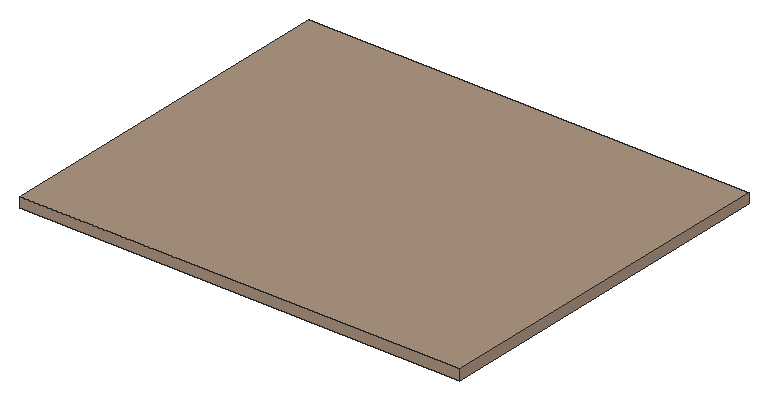
Revit family "Worksurface-Teknion-PLCW__Cantilevered_Worksurface-R2015", category Furniture, Revit 2015
Parameters (values of type "Double Sided Overhang")
  Worksurface Width [instance] = 24.000"
  Worksurface Finish [instance] = Foundation Laminate - Teknion - YA - Anigre
  Worksurface Depth [instance] = 36.000"
  Warranty = "http://www.teknion.com/ca/papers/legal-canada"
  Unit Weight URL = "http://www.teknion.com/ca/tools/assets#&asset=bee6a381-b954-425e-8283-5a2de3a804f2,f828d448-4b62-4231-9e5f-9a8991c0ed77"
  URL = "www.teknion.com"
  Sustainability Data = "http://www.teknion.com/ca/tools/assets#&topic=216f99a5-57a0-44fc-b10a-9dee9b29ae4c&asset=444deb64-fe58-4b68-981e-f75e97781df7"
  Single Sided Overhang = no
  Series = "Ledger Plus"  # constant formula
  Product Page URL = "http://www.teknion.com/ca/products/product-details?productlineid=1293336e-8e7a-673b-a6c8-ff00004460c4"
  Product Line = "Filing and Storage"
  Product Documentation Link = "http://www.teknion.com/pricing/filing-storage/pdfs/PLCW_ppg.pdf"
  Part Number = "PLCW"
  Model = "PLCWD_"
  Manufacturer Phone = "416-661-3370"  # constant formula
  Manufacturer Fax = "416.661.4586"  # constant formula
  Manufacturer Contact Information = "http://www.teknion.com/ca/contactus"
  Manufacturer Address = "1150 Flint Road, Toronto, ON. M3J 2J5. Canada"  # constant formula
  Manufacturer = "Teknion"  # constant formula
  Double Sided Overhang = yes
  Description = "Cantilevered Worksurface - Double Sided Overhang"
  Default Elevation = 48.000"
  Available Widths [instance] = "24, 30, 36, & 42 Inches."  # constant formula
  Available Depths [instance] = "36, & 40 Inches."  # constant formula
  Assembly Code = "E2020200"
  Actual Width [instance] = if(Single Sided Overhang, Worksurface Width + 10.000", Worksurface Width + 20.000")  # 44.000"
Types (3): name | Worksurface Width | Single Sided Overhang | Product Line | Model | Double Sided Overhang | Description | Actual Width
  (no name) | 24.000" | no | "Filing and Storage" | "PLCWD_" | yes | "Cantilevered Worksurface - Double Sided Overhang" | 44.000"
  Single Sided Overhang | 42.000" | yes | "Filing & Storage" | "PLCWS_" | no | "Cantilevered Worksurface - Single Sided Overhang" | 52.000"
  Double Sided Overhang | 24.000" | no | "Filing and Storage" | "PLCWD_" | yes | "Cantilevered Worksurface - Double Sided Overhang" | 44.000"
Reference planes (in)
  plane 1 "Center Front/Back": y = 0
  plane 2: z = 0
  plane 3 "Center Left/Right": x = 0
  plane 4 "Left": x = -22
  plane 5 "Right": x = 22
  plane 6 "Back": y = 18
  plane 7 "Front": y = -18
  plane 8 "Top": z = 1
Forms (in)
  Extrusion 1, solid, material "Foundation Laminate - Teknion - YA - Anigre" <- "Worksurface Finish"
    sketch origin (0, 0, 0) x (1, 0, 0) y (0, 1, 0)
      loop
        line (-22, 18) -> (-22, -18) -> (22, -18) -> (22, 18) -> (-22, 18)
    from 0 to 1
Lines and regions (in)
  Masking region 1
    outline origin (0, 0, 0) x (1, 0, 0) y (0, 1, 0)
      loop
        line (-22, 18) -> (-22, -18) -> (22, -18) -> (22, 18) -> (-22, 18)
  reference lines, not visible
    curve 1: line (-22, 18, 0) -> (-22, -18, 0)
    curve 2: line (-22, -18, 0) -> (22, -18, 0)
    curve 3: line (22, -18, 0) -> (22, 18, 0)
    curve 4: line (22, 18, 0) -> (-22, 18, 0)
Dimensions and locks (in)
  "Actual Width": plane 4 "Left" to plane 5 "Right"
  "Worksurface Depth": plane 6 "Back" to plane 7 "Front"
  locked: plane 8 "Top" to level at 1
  equal spacing: plane 6 "Back", plane 1 "Center Front/Back", plane 7 "Front"
  equal spacing: plane 4 "Left", plane 3 "Center Left/Right", plane 5 "Right"
  aligned and locked: level to plane 2
  aligned and locked: Extrusion 1 sketch curve to plane 6 "Back"
  aligned and locked: plane 5 "Right" to Extrusion 1 sketch curve
  aligned and locked: Extrusion 1 sketch curve to plane 7 "Front"
  aligned and locked: plane 4 "Left" to Extrusion 1 sketch curve
  aligned and locked: Masking region 1 sketch curve to plane 6 "Back"
  aligned and locked: plane 5 "Right" to Masking region 1 sketch curve
  aligned and locked: Masking region 1 sketch curve to plane 7 "Front"
  aligned and locked: plane 4 "Left" to Masking region 1 sketch curve
  aligned and locked: plane 6 "Back" to curve 4
  aligned and locked: curve 3 to plane 5 "Right"
  aligned and locked: plane 7 "Front" to curve 2
  aligned and locked: curve 1 to plane 4 "Left"
  aligned and locked: plane 8 "Top" to Extrusion 1
  aligned and locked: Extrusion 1 to level
